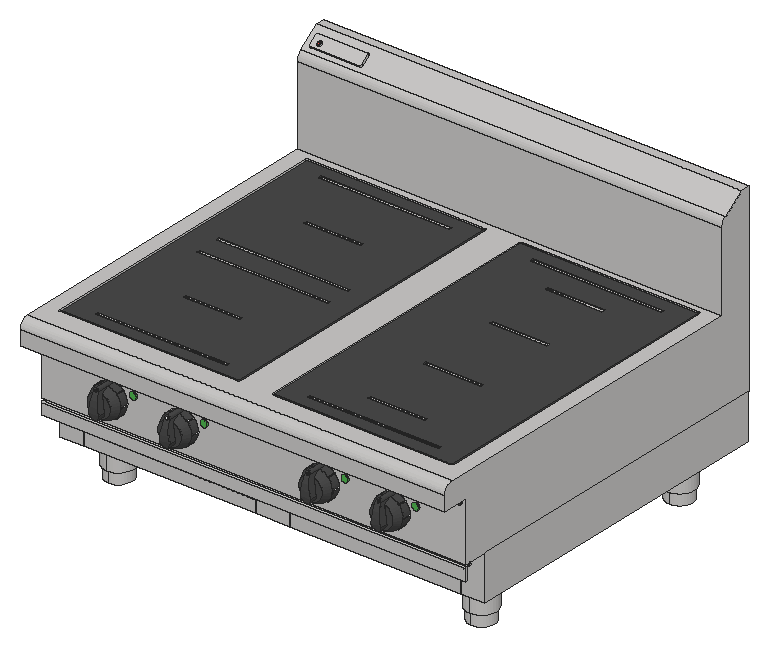
Revit family "QF_Moffat_IN8400R3F-B_Induction Cooktop_cat", category Specialty Equipment, Revit 2019
Family settings
  Round Connector Dimension = Use Diameter
  Part Type = Normal
  Work Plane-Based = No
  Always vertical = Yes
  Cut with Voids When Loaded = No
  Shared = No
  Room Calculation Point = No
Parameters (values of type "INB8400R3F-B_415/60/3")
  Weight in Kilograms = 105
  Watts = 17000 W
  Volts = 415 V
  URL Cutsheet = ""
  Specification by User = ""
  Specification by Manufacturer = ""
  Show Logo [instance] = yes
  Serial Number = ""
  Seismic Rating = ""
  SMACNA No = ""
  Revision Code = ""
  Phase = 3
  Number of Poles = 1
  NAFEM Spec ID Number = ""
  Model = "IN8400R3F-B"
  Min Ckt Ampacity = 0 A
  Max Overcurrent Protection = 0 A
  Masterspec = ""
  Manufacturer = "Moffat"
  Length = 900 mm
  Item Number = ""
  Installed By = ""
  Identify Quantity as Lot = yes
  Height = 570 mm
  HP = ""
  Furnished By = ""
  Foodservice Equipment Identifier = yes
  FL Amps = 24 A
  Electrical Remarks = ""
  Electric Connection Type = ""
  Elec Conn RI Height = 0 mm
  Elec Conn Connection Height = 0 mm
  Description = "Induction Cooktop"
  Depth = 805 mm
  Cycle = 60 Hz
  Conn Plug = ""
  Conn Conduit = yes
  CSI MasterFormat = ""
  Apparent Power = if(Phase = 3, Volts * FL Amps * 1.73, Volts * FL Amps)  # 17230.8 VA
Reference planes
  plane 1 "BACK": y = 0
  plane 2: z = 0
  plane 3 "LEFT": x = 0
  plane 4 "RIGHT": x = 900
  plane 5 "FRONT": y = -805
  plane 6 "TOP": z = 570
  plane 7 "Center Y": x = 450
  plane 8 "Center X": y = -402.5
  plane 9: x = 65.5
  plane 10: y = -30
  plane 11: x = 770
  plane 12: z = 85
  plane 13: y = -100
  plane 14: y = -625
  plane 15: y = -70
  plane 16: z = 355
  plane 17: z = 75
  plane 18: x = 834.5
Forms (mm)
  Extrusion 1, solid, material "QF_Metal_Stainless_Polished"
    sketch origin (0, 0, 0) x (0, 1, 0) y (0, 0, 1)
      loop
        line (0, 180) -> (0, 570) -> (-18.182, 570) -> (-60.863, 538.99)
        arc (-60.863, 538.99) -> (-67.584, 531.121) -> (-70, 521.058) r 22.165
        line (-70, 521.058) -> (-70, 355) -> (-784.417, 355)
        arc (-784.417, 355) -> (-798.971, 348.971) -> (-805, 334.417) r 20.583
        line (-805, 334.417) -> (-805, 305) -> (-749, 305) -> (-749, 180) -> (0, 180)
    from 0 to 900
  Extrusion 2, void
    sketch origin (0, -784.171, 355) x (0, 1, 0) y (-1, 0, 0)
      loop
        arc (699.341, -37.323) -> (697.584, -33.08) -> (693.341, -31.323) r 6
        line (693.341, -31.323) -> (45.245, -31.323)
        arc (45.245, -31.323) -> (41.002, -33.08) -> (39.245, -37.323) r 6
        line (39.245, -37.323) -> (39.245, -410.105)
        arc (39.245, -410.105) -> (41.002, -414.347) -> (45.245, -416.105) r 6
        line (45.245, -416.105) -> (693.341, -416.105)
        arc (693.341, -416.105) -> (697.584, -414.347) -> (699.341, -410.105) r 6
        line (699.341, -410.105) -> (699.341, -37.323)
      loop
        line (699.341, -862.677) -> (699.341, -489.895)
        arc (699.341, -489.895) -> (697.584, -485.653) -> (693.341, -483.895) r 6
        line (693.341, -483.895) -> (45.245, -483.895)
        arc (45.245, -483.895) -> (41.002, -485.653) -> (39.245, -489.895) r 6
        line (39.245, -489.895) -> (39.245, -862.677)
        arc (39.245, -862.677) -> (41.002, -866.92) -> (45.245, -868.677) r 6
        line (45.245, -868.677) -> (693.341, -868.677)
        arc (693.341, -868.677) -> (697.584, -866.92) -> (699.341, -862.677) r 6
    from 0 to -9.5
  Extrusion 3, solid, material "QF_Plastic_Black_Smooth"
    sketch origin (0, -784.171, 355) x (0, 1, 0) y (-1, 0, 0)
      loop
        line (695.341, -410.105) -> (695.341, -37.323)
        arc (695.341, -37.323) -> (694.755, -35.908) -> (693.341, -35.323) r 2
        line (693.341, -35.323) -> (45.245, -35.323)
        arc (45.245, -35.323) -> (43.831, -35.908) -> (43.245, -37.323) r 2
        line (43.245, -37.323) -> (43.245, -410.105)
        arc (43.245, -410.105) -> (43.831, -411.519) -> (45.245, -412.105) r 2
        line (45.245, -412.105) -> (693.341, -412.105)
        arc (693.341, -412.105) -> (694.755, -411.519) -> (695.341, -410.105) r 2
      loop
        line (667.194, -86.598) -> (661.194, -86.598) -> (661.194, -363.75) -> (667.194, -363.75) -> (667.194, -86.598)
      loop
        line (526.611, -163.924) -> (526.611, -283.924) -> (532.611, -283.924) -> (532.611, -163.924) -> (526.611, -163.924)
      loop
        line (398.444, -86.598) -> (392.444, -86.598) -> (392.444, -363.75) -> (398.444, -363.75) -> (398.444, -86.598)
      loop
        line (345.944, -86.598) -> (339.944, -86.598) -> (339.944, -363.75) -> (345.944, -363.75) -> (345.944, -86.598)
      loop
        line (206.611, -163.924) -> (206.611, -283.924) -> (212.611, -283.924) -> (212.611, -163.924) -> (206.611, -163.924)
      loop
        line (77.194, -86.598) -> (71.194, -86.598) -> (71.194, -363.75) -> (77.194, -363.75) -> (77.194, -86.598)
      loop
        arc (695.341, -489.895) -> (694.755, -488.481) -> (693.341, -487.895) r 2
        line (693.341, -487.895) -> (45.245, -487.895)
        arc (45.245, -487.895) -> (43.831, -488.481) -> (43.245, -489.895) r 2
        line (43.245, -489.895) -> (43.245, -862.677)
        arc (43.245, -862.677) -> (43.831, -864.092) -> (45.245, -864.677) r 2
        line (45.245, -864.677) -> (693.341, -864.677)
        arc (693.341, -864.677) -> (694.755, -864.092) -> (695.341, -862.677) r 2
        line (695.341, -862.677) -> (695.341, -489.895)
      loop
        line (667.194, -813.402) -> (667.194, -536.25) -> (661.194, -536.25) -> (661.194, -813.402) -> (667.194, -813.402)
      loop
        line (601.611, -736.076) -> (607.611, -736.076) -> (607.611, -616.076) -> (601.611, -616.076) -> (601.611, -736.076)
      loop
        line (279.111, -736.076) -> (285.111, -736.076) -> (285.111, -616.076) -> (279.111, -616.076) -> (279.111, -736.076)
      loop
        line (77.194, -813.402) -> (77.194, -536.25) -> (71.194, -536.25) -> (71.194, -813.402) -> (77.194, -813.402)
      loop
        line (454.501, -736.076) -> (460.501, -736.076) -> (460.501, -616.076) -> (454.501, -616.076) -> (454.501, -736.076)
      loop
        line (131.211, -736.076) -> (137.211, -736.076) -> (137.211, -616.076) -> (131.211, -616.076) -> (131.211, -736.076)
    from 0 to -9.5
  Extrusion 4, solid, material "QF_Metal_Stainless_Polished"
    sketch origin (0, 0, 40) x (0, 1, 0) y (0, 0, 1)
      loop
        line (-739.467, 140) -> (-738.192, 134.838)
        arc (-738.192, 134.838) -> (-738.307, 134.302) -> (-738.799, 134.063) r 0.625
        line (-738.799, 134.063) -> (-746.111, 134.063)
        arc (-746.111, 134.063) -> (-748.011, 133.276) -> (-748.797, 131.377) r 2.686
        line (-748.797, 131.377) -> (-748.797, 107.627) -> (-747.197, 107.627) -> (-747.197, 131.242)
        arc (-747.197, 131.242) -> (-746.84, 132.105) -> (-745.976, 132.463) r 1.221
        line (-745.976, 132.463) -> (-738.755, 132.463)
        arc (-738.755, 132.463) -> (-737.028, 133.304) -> (-736.625, 135.182) r 2.194
        line (-736.625, 135.182) -> (-737.815, 140) -> (-739.467, 140)
    from 0 to 900
  Extrusion 5, solid, material "QF_Plastic_Black_Smooth"
    sketch origin (0, -749, 181.875) x (0, 0, 1) y (-1, 0, 0)
      loop
        circle (112.843, -13.157) r 5
      loop
        circle (112.843, -886.843) r 5
    from 0 to 1.6
  Extrusion 6, solid, material "QF_Metal_Stainless_Polished"
    sketch origin (450, -699, 85) x (0, 1, 0) y (1, 0, 0)
      loop
        circle (669, 320) r 6.35
    from 0 to 10
  Extrusion 7, solid, material "QF_Metal_Stainless_Polished"
    sketch origin (0, -699, 85) x (1, 0, 0) y (0, -1, 0)
      loop
        line (0, -699) -> (900, -699) -> (900, 0) -> (849.2, 0) -> (849.2, -25.4) -> (485.8, -25.4) -> (485.8, 0) -> (414.2, 0) -> (414.2, -25.4) -> (50.8, -25.4) -> (50.8, 0) -> (0, 0) -> (0, -699)
    from 0 to -95
  Extrusion 8, solid, material "QF_Metal_Stainless_Polished"
    sketch origin (50.8, -30, 85) x (0, 1, 0) y (0, 0, 1)
      loop
        line (-669, 0) -> (-643.6, 0) -> (-643.6, 26.45) -> (-669, 26.45) -> (-669, 0)
      loop
        line (-669, 32.45) -> (-643.6, 32.45) -> (-643.6, 66.4) -> (-669, 66.4) -> (-669, 32.45)
      loop
        line (-669, 67.4) -> (-643.6, 67.4) -> (-643.6, 95) -> (-669, 95) -> (-669, 67.4)
    from 0 to 363.4
  Revolve 9, solid, material "QF_Metal_Stainless_Polished"
    sketch origin (65.5, -4572, -304.8) x (0, 0, -1) y (0, -1, 0)
      loop
        line (-304.8, -4499.5) -> (-304.8, -4472) -> (-389.8, -4472) -> (-389.8, -4503.75) -> (-329.8, -4503.75) -> (-329.8, -4499.5) -> (-304.8, -4499.5)
      axis (-389.8, -4472) -> (-304.8, -4472)
    angle from 0 to 360
  Revolve 10, solid, material "QF_Metal_Stainless_Polished"
    sketch origin (65.5, -4572, -304.8) x (0, 0, -1) y (0, -1, 0)
      loop
        line (-304.8, -3974.5) -> (-304.8, -3947) -> (-389.8, -3947) -> (-389.8, -3978.75) -> (-329.8, -3978.75) -> (-329.8, -3974.5) -> (-304.8, -3974.5)
      axis (-389.8, -3947) -> (-304.8, -3947)
    angle from 0 to 360
  Revolve 11, solid, material "QF_Metal_Stainless_Polished"
    sketch origin (834.5, -4572, -304.8) x (0, 0, -1) y (0, 1, 0)
      loop
        line (-304.8, 4499.5) -> (-329.8, 4499.5) -> (-329.8, 4503.75) -> (-389.8, 4503.75) -> (-389.8, 4472) -> (-304.8, 4472) -> (-304.8, 4499.5)
      axis (-389.8, 4472) -> (-304.8, 4472)
    angle from 0 to 360
  Revolve 12, solid, material "QF_Metal_Stainless_Polished"
    sketch origin (834.5, -4572, -304.8) x (0, 0, -1) y (0, 1, 0)
      loop
        line (-304.8, 3974.5) -> (-329.8, 3974.5) -> (-329.8, 3978.75) -> (-389.8, 3978.75) -> (-389.8, 3947) -> (-304.8, 3947) -> (-304.8, 3974.5)
      axis (-389.8, 3947) -> (-304.8, 3947)
    angle from 0 to 360
  Extrusion 13, solid, material "QF_Metal_Stainless_Polished"
    sketch origin (900, 0, 0) x (-1, 0, 0) y (0, -1, 0)
      loop
        line (536.25, 122.976) -> (536.25, 116.976) -> (813.402, 116.976) -> (813.402, 122.976) -> (536.25, 122.976)
      loop
        line (736.076, 251.56) -> (736.076, 257.56) -> (616.076, 257.56) -> (616.076, 251.56) -> (736.076, 251.56)
      loop
        line (813.402, 385.726) -> (813.402, 391.726) -> (536.25, 391.726) -> (536.25, 385.726) -> (813.402, 385.726)
      loop
        line (813.402, 438.226) -> (813.402, 444.226) -> (536.25, 444.226) -> (536.25, 438.226) -> (813.402, 438.226)
      loop
        line (736.076, 571.56) -> (736.076, 577.56) -> (616.076, 577.56) -> (616.076, 571.56) -> (736.076, 571.56)
      loop
        line (536.25, 712.976) -> (536.25, 706.976) -> (813.402, 706.976) -> (813.402, 712.976) -> (536.25, 712.976)
      loop
        line (86.598, 712.976) -> (86.598, 706.976) -> (363.75, 706.976) -> (363.75, 712.976) -> (86.598, 712.976)
      loop
        line (163.924, 652.959) -> (163.924, 646.959) -> (283.924, 646.959) -> (283.924, 652.959) -> (163.924, 652.959)
      loop
        line (163.924, 505.06) -> (163.924, 499.06) -> (283.924, 499.06) -> (283.924, 505.06) -> (163.924, 505.06)
      loop
        line (163.924, 329.669) -> (163.924, 323.669) -> (283.924, 323.669) -> (283.924, 329.669) -> (163.924, 329.669)
      loop
        line (163.924, 182.56) -> (163.924, 176.56) -> (283.924, 176.56) -> (283.924, 182.56) -> (163.924, 182.56)
      loop
        line (86.598, 122.976) -> (86.598, 116.976) -> (363.75, 116.976) -> (363.75, 122.976) -> (86.598, 122.976)
    from 355 to 345.5
  Extrusion 14, solid, material "QF_Paint_Green"
    sketch origin (63.231, -748.999, 153.75) x (0, 0, 1) y (-1, 0, 0)
      loop
        circle (100.3, -282.5) r 7.15
    from 0 to 1.6
  Extrusion 15, solid, material "QF_Plastic_Black_Smooth"
    sketch origin (75, -748.999, 165.625) x (0, 0, 1) y (-1, 0, 0)
      loop
        circle (112.843, -225) r 5
    from 0 to 1.6
  Extrusion 16, solid, material "QF_Paint_Green"
    sketch origin (-86.769, -748.999, 153.75) x (0, 0, 1) y (-1, 0, 0)
      loop
        circle (100.3, -282.5) r 7.15
    from 0 to 1.6
  Extrusion 17, solid, material "QF_Plastic_Black_Smooth"
    sketch origin (-75, -748.999, 165.625) x (0, 0, 1) y (-1, 0, 0)
      loop
        circle (112.843, -225) r 5
    from 0 to 1.6
  Extrusion 18, solid, material "QF_Paint_Green"
    sketch origin (511.981, -748.999, 153.75) x (0, 0, 1) y (-1, 0, 0)
      loop
        circle (100.3, -282.5) r 7.15
    from 0 to 1.6
  Extrusion 19, solid, material "QF_Plastic_Black_Smooth"
    sketch origin (523.75, -748.999, 165.625) x (0, 0, 1) y (-1, 0, 0)
      loop
        circle (112.843, -225) r 5
    from 0 to 1.6
  Extrusion 20, solid, material "QF_Paint_Green"
    sketch origin (361.981, -748.999, 153.75) x (0, 0, 1) y (-1, 0, 0)
      loop
        circle (100.3, -282.5) r 7.15
    from 0 to 1.6
  Extrusion 21, solid, material "QF_Plastic_Black_Smooth"
    sketch origin (373.75, -748.999, 165.625) x (0, 0, 1) y (-1, 0, 0)
      loop
        circle (112.843, -225) r 5
    from 0 to 1.6
  Extrusion 22, solid, material "QF_Metal_Stainless_Polished"
    sketch origin (849.2, -30, 85) x (0, 1, 0) y (0, 0, -1)
      loop
        line (-669, 0) -> (-669, -26.45) -> (-643.6, -26.45) -> (-643.6, 0) -> (-669, 0)
      loop
        line (-669, -32.45) -> (-669, -66.4) -> (-643.6, -66.4) -> (-643.6, -32.45) -> (-669, -32.45)
      loop
        line (-669, -67.4) -> (-669, -95) -> (-643.6, -95) -> (-643.6, -67.4) -> (-669, -67.4)
    from 0 to 363.4
Cuts and joins
  Extrusion 2 cuts Extrusion 1
Lines and regions (mm)
  symbolic lines
    curve 1: line (0, 0, 0) -> (900, 0, 0)
    curve 2: line (0, -805, 0) -> (0, 0, 0)
    curve 3: line (900, -805, 0) -> (0, -805, 0)
    curve 4: line (900, 0, 0) -> (900, -805, 0)
    curve 5: line (0, -18.182, 0) -> (900, -18.182, 0)
    curve 6: line (0, -70, 0) -> (900, -70, 0)
    curve 7: line (37.323, -84.83, 0) -> (410.105, -84.83, 0)
    curve 8: arc (410.105, -84.83, 0) -> (414.347, -86.587, 0) -> (416.105, -90.83, 0) r 6
    curve 9: line (416.105, -90.83, 0) -> (416.105, -738.926, 0)
    curve 10: arc (416.105, -738.926, 0) -> (414.347, -743.168, 0) -> (410.105, -744.926, 0) r 6
    curve 11: line (410.105, -744.926, 0) -> (37.323, -744.926, 0)
    curve 12: arc (37.323, -744.926, 0) -> (33.08, -743.168, 0) -> (31.323, -738.926, 0) r 6
    curve 13: line (31.323, -738.926, 0) -> (31.323, -90.83, 0)
    curve 14: arc (31.323, -90.83, 0) -> (33.08, -86.587, 0) -> (37.323, -84.83, 0) r 6
    curve 15: line (410.105, -88.83, 0) -> (37.323, -88.83, 0)
    curve 16: arc (37.323, -88.83, 0) -> (35.908, -89.415, 0) -> (35.323, -90.83, 0) r 2
    curve 17: line (35.323, -90.83, 0) -> (35.323, -738.926, 0)
    curve 18: arc (35.323, -738.926, 0) -> (35.908, -740.34, 0) -> (37.323, -740.926, 0) r 2
    curve 19: line (37.323, -740.926, 0) -> (410.105, -740.926, 0)
    curve 20: arc (410.105, -740.926, 0) -> (411.519, -740.34, 0) -> (412.105, -738.926, 0) r 2
    curve 21: line (412.105, -738.926, 0) -> (412.105, -90.83, 0)
    curve 22: arc (412.105, -90.83, 0) -> (411.519, -89.415, 0) -> (410.105, -88.83, 0) r 2
    curve 23: line (416.105, -738.926, 0) -> (416.105, -90.83, 0)
    curve 24: line (412.105, -90.83, 0) -> (412.105, -738.926, 0)
    curve 25: line (862.677, -84.83, 0) -> (489.895, -84.83, 0)
    curve 26: arc (489.895, -84.83, 0) -> (485.653, -86.587, 0) -> (483.895, -90.83, 0) r 6
    curve 27: arc (483.895, -738.926, 0) -> (485.653, -743.168, 0) -> (489.895, -744.926, 0) r 6
    curve 28: line (489.895, -744.926, 0) -> (862.677, -744.926, 0)
    curve 29: arc (862.677, -744.926, 0) -> (866.92, -743.168, 0) -> (868.677, -738.926, 0) r 6
    curve 30: line (868.677, -738.926, 0) -> (868.677, -90.83, 0)
    curve 31: arc (868.677, -90.83, 0) -> (866.92, -86.587, 0) -> (862.677, -84.83, 0) r 6
    curve 32: line (489.895, -88.83, 0) -> (862.677, -88.83, 0)
    curve 33: arc (862.677, -88.83, 0) -> (864.092, -89.415, 0) -> (864.677, -90.83, 0) r 2
    curve 34: line (864.677, -90.83, 0) -> (864.677, -738.926, 0)
    curve 35: arc (864.677, -738.926, 0) -> (864.092, -740.34, 0) -> (862.677, -740.926, 0) r 2
    curve 36: line (862.677, -740.926, 0) -> (489.895, -740.926, 0)
    curve 37: arc (489.895, -740.926, 0) -> (488.481, -740.34, 0) -> (487.895, -738.926, 0) r 2
    curve 38: arc (487.895, -90.83, 0) -> (488.481, -89.415, 0) -> (489.895, -88.83, 0) r 2
    curve 39: line (487.895, -90.83, 0) -> (487.895, -738.926, 0)
    curve 40: arc (487.895, -738.926, 0) -> (488.481, -740.34, 0) -> (489.895, -740.926, 0) r 2
    curve 41: line (489.895, -740.926, 0) -> (862.677, -740.926, 0)
    curve 42: arc (862.677, -740.926, 0) -> (864.092, -740.34, 0) -> (864.677, -738.926, 0) r 2
    curve 43: line (864.677, -738.926, 0) -> (864.677, -90.83, 0)
    curve 44: arc (864.677, -90.83, 0) -> (864.092, -89.415, 0) -> (862.677, -88.83, 0) r 2
    curve 45: line (862.677, -88.83, 0) -> (489.895, -88.83, 0)
    curve 46: arc (489.895, -88.83, 0) -> (488.481, -89.415, 0) -> (487.895, -90.83, 0) r 2
    curve 47: line (483.895, -90.83, 0) -> (483.895, -738.926, 0)
    curve 48: arc (483.895, -738.926, 0) -> (485.653, -743.168, 0) -> (489.895, -744.926, 0) r 6
    curve 49: line (489.895, -744.926, 0) -> (862.677, -744.926, 0)
    curve 50: arc (862.677, -744.926, 0) -> (866.92, -743.168, 0) -> (868.677, -738.926, 0) r 6
    curve 51: line (868.677, -738.926, 0) -> (868.677, -90.83, 0)
    curve 52: arc (868.677, -90.83, 0) -> (866.92, -86.587, 0) -> (862.677, -84.83, 0) r 6
    curve 53: line (862.677, -84.83, 0) -> (489.895, -84.83, 0)
    curve 54: arc (489.895, -84.83, 0) -> (485.653, -86.587, 0) -> (483.895, -90.83, 0) r 6
    curve 55: line (86.598, -122.976, 0) -> (363.75, -122.976, 0)
    curve 56: line (363.75, -122.976, 0) -> (363.75, -116.976, 0)
    curve 57: line (363.75, -116.976, 0) -> (86.598, -116.976, 0)
    curve 58: line (86.598, -116.976, 0) -> (86.598, -122.976, 0)
    curve 59: line (283.924, -251.56, 0) -> (163.924, -251.56, 0)
    curve 60: line (163.924, -251.56, 0) -> (163.924, -257.56, 0)
    curve 61: line (163.924, -257.56, 0) -> (283.924, -257.56, 0)
    curve 62: line (283.924, -257.56, 0) -> (283.924, -251.56, 0)
    curve 63: line (536.25, -122.976, 0) -> (813.402, -122.976, 0)
    curve 64: line (813.402, -122.976, 0) -> (813.402, -116.976, 0)
    curve 65: line (813.402, -116.976, 0) -> (536.25, -116.976, 0)
    curve 66: line (536.25, -116.976, 0) -> (536.25, -122.976, 0)
    curve 67: line (736.076, -176.56, 0) -> (616.076, -176.56, 0)
    curve 68: line (616.076, -176.56, 0) -> (616.076, -182.56, 0)
    curve 69: line (616.076, -182.56, 0) -> (736.076, -182.56, 0)
    curve 70: line (736.076, -182.56, 0) -> (736.076, -176.56, 0)
    curve 71: line (736.076, -323.669, 0) -> (616.076, -323.669, 0)
    curve 72: line (616.076, -323.669, 0) -> (616.076, -329.669, 0)
    curve 73: line (616.076, -329.669, 0) -> (736.076, -329.669, 0)
    curve 74: line (736.076, -329.669, 0) -> (736.076, -323.669, 0)
    curve 75: line (736.076, -499.06, 0) -> (616.076, -499.06, 0)
    curve 76: line (616.076, -499.06, 0) -> (616.076, -505.06, 0)
    curve 77: line (616.076, -505.06, 0) -> (736.076, -505.06, 0)
    curve 78: line (736.076, -505.06, 0) -> (736.076, -499.06, 0)
    curve 79: line (736.076, -646.959, 0) -> (616.076, -646.959, 0)
    curve 80: line (616.076, -646.959, 0) -> (616.076, -652.959, 0)
    curve 81: line (616.076, -652.959, 0) -> (736.076, -652.959, 0)
    curve 82: line (736.076, -652.959, 0) -> (736.076, -646.959, 0)
    curve 83: line (813.402, -706.976, 0) -> (536.25, -706.976, 0)
    curve 84: line (536.25, -706.976, 0) -> (536.25, -712.976, 0)
    curve 85: line (536.25, -712.976, 0) -> (813.402, -712.976, 0)
    curve 86: line (813.402, -712.976, 0) -> (813.402, -706.976, 0)
    curve 87: line (86.598, -712.976, 0) -> (363.75, -712.976, 0)
    curve 88: line (363.75, -712.976, 0) -> (363.75, -706.976, 0)
    curve 89: line (363.75, -706.976, 0) -> (86.598, -706.976, 0)
    curve 90: line (86.598, -706.976, 0) -> (86.598, -712.976, 0)
    curve 91: line (283.924, -577.56, 0) -> (163.924, -577.56, 0)
    curve 92: line (163.924, -577.56, 0) -> (163.924, -571.56, 0)
    curve 93: line (163.924, -571.56, 0) -> (283.924, -571.56, 0)
    curve 94: line (283.924, -571.56, 0) -> (283.924, -577.56, 0)
    curve 95: line (86.598, -444.226, 0) -> (363.75, -444.226, 0)
    curve 96: line (363.75, -444.226, 0) -> (363.75, -438.226, 0)
    curve 97: line (363.75, -438.226, 0) -> (86.598, -438.226, 0)
    curve 98: line (86.598, -438.226, 0) -> (86.598, -444.226, 0)
    curve 99: line (86.598, -391.726, 0) -> (363.75, -391.726, 0)
    curve 100: line (363.75, -391.726, 0) -> (363.75, -385.726, 0)
    curve 101: line (363.75, -385.726, 0) -> (86.598, -385.726, 0)
    curve 102: line (86.598, -385.726, 0) -> (86.598, -391.726, 0)
Dimensions and locks
  equal spacing: plane 3 "LEFT", plane 7 "Center Y", plane 4 "RIGHT"
  "Length": plane 3 "LEFT" to plane 4 "RIGHT"
  equal spacing: plane 5 "FRONT", plane 8 "Center X", plane 1 "BACK"
  "Depth": plane 5 "FRONT" to plane 1 "BACK"
  "Height": plane 6 "TOP" to level
  plane 4 "RIGHT" to plane 3 "LEFT" = 900 mm
  plane 1 "BACK" to plane 5 "FRONT" = 805 mm
  plane 6 "TOP" to plane 2 = 570 mm
  locked: plane 11 to plane 4 "RIGHT" at 130
  plane 1 "BACK" to plane 10 = 30 mm
  plane 1 "BACK" to plane 13 to plane 14 = 100 mm, 525 mm
  plane 1 "BACK" to plane 15 = 70 mm
  plane 16 to level = 355 mm
  level to plane 12 = 85 mm
  plane 17 to level = 75 mm
  plane 11 to plane 4 "RIGHT" = 130 mm
  plane 18 to plane 9 = 769 mm
  locked: plane 4 "RIGHT" to plane 18 at 65.5
  aligned and locked: level to plane 2
  aligned and locked: plane 18 to Revolve 12
  aligned and locked: plane 18 to Revolve 11
  aligned and locked: Extrusion 7 sketch curve to plane 4 "RIGHT"
  aligned and locked: Extrusion 4 to plane 4 "RIGHT"
  aligned and locked: Extrusion 22 to Extrusion 7  (x2)
Automatic sketch dimensions
  Extrusion 1 sketch curve to plane 5 "FRONT" = 0 mm
  Extrusion 1 sketch curve to plane 16 = 0 mm
  Extrusion 1 sketch curve to plane 15 = 0 mm
  Extrusion 1 sketch curve to plane 6 "TOP" = 0 mm
  Extrusion 1 sketch curve to plane 1 "BACK" = 0 mm
  Extrusion 1 sketch curve to plane 5 "FRONT" = 20.583 mm
  Extrusion 1 sketch curve to plane 5 "FRONT" = 56 mm
  Extrusion 1 sketch curve to plane 15 = 9.137 mm
  plane 10 to Extrusion 1 sketch curve = 17.835 mm
  Extrusion 1 sketch curve to plane 10 = 11.818 mm
  Extrusion 1 sketch curve to Extrusion 1 sketch curve = 29.417 mm
  Extrusion 1 sketch curve to plane 12 = 95 mm
  Extrusion 1 sketch curve to plane 6 "TOP" = 48.942 mm
  Extrusion 4 sketch curve to plane 5 "FRONT" = 56.203 mm
  Extrusion 4 sketch curve to Extrusion 4 sketch curve = 1.6 mm
  Extrusion 4 sketch curve to Extrusion 4 sketch curve = 1.086 mm
  Extrusion 4 sketch curve to Extrusion 4 sketch curve = 0.135 mm  (x2)
  Extrusion 4 sketch curve to Extrusion 4 sketch curve = 6.644 mm
  Extrusion 4 sketch curve to Extrusion 4 sketch curve = 0.668 mm
  Extrusion 4 sketch curve to Extrusion 4 sketch curve = 0.044 mm
  Extrusion 4 sketch curve to Extrusion 4 sketch curve = 0.563 mm
  Extrusion 4 sketch curve to Extrusion 4 sketch curve = 1.652 mm
  Extrusion 4 sketch curve to Extrusion 4 sketch curve = 1.567 mm
  Extrusion 4 sketch curve to plane 12 = 62.627 mm
  Extrusion 4 sketch curve to Extrusion 4 sketch curve = 23.614 mm
  Extrusion 4 sketch curve to Extrusion 4 sketch curve = 0.594 mm
  Extrusion 4 sketch curve to Extrusion 4 sketch curve = 0.032 mm
  Extrusion 4 sketch curve to Extrusion 4 sketch curve = 5.162 mm
  Extrusion 1 to Extrusion 5 sketch curve = 10.282 mm  (x2)
  Extrusion 1 to Extrusion 5 sketch curve = 13.157 mm  (x2)
  plane 12 to Revolve 9 sketch curve = 0 mm
  Revolve 9 sketch curve to level = 0 mm  (x2)
  Revolve 9 sketch curve to plane 13 = 0 mm  (x2)
  plane 15 to Revolve 9 sketch curve = 2.5 mm
  level to Revolve 9 sketch curve = 25 mm
  Revolve 9 sketch curve to plane 15 = 1.75 mm
  Revolve 9 sketch curve to Revolve 9 sketch curve = 25 mm
  plane 12 to Revolve 10 sketch curve = 0 mm
  Revolve 10 sketch curve to level = 0 mm  (x2)
  Revolve 10 sketch curve to plane 14 = 0 mm  (x2)
  level to Revolve 10 sketch curve = 25 mm
  Revolve 10 sketch curve to Revolve 10 sketch curve = 27.5 mm
  Revolve 10 sketch curve to Revolve 10 sketch curve = 31.75 mm
  Revolve 10 sketch curve to Revolve 10 sketch curve = 25 mm
  plane 12 to Revolve 11 sketch curve = 0 mm
  Revolve 11 sketch curve to level = 0 mm  (x2)
  Revolve 11 sketch curve to plane 13 = 0 mm  (x2)
  plane 15 to Revolve 11 sketch curve = 2.5 mm
  Revolve 11 sketch curve to Revolve 11 sketch curve = 25 mm
  Revolve 11 sketch curve to plane 15 = 1.75 mm
  Revolve 11 sketch curve to level = 25 mm
  plane 12 to Revolve 12 sketch curve = 0 mm
  Revolve 12 sketch curve to level = 0 mm  (x2)
  Revolve 12 sketch curve to plane 14 = 0 mm  (x2)
  level to Revolve 12 sketch curve = 25 mm
  Revolve 12 sketch curve to plane 14 = 27.5 mm
  Revolve 12 sketch curve to Revolve 12 sketch curve = 4.25 mm
  Revolve 12 sketch curve to Revolve 12 sketch curve = 25 mm
  Extrusion 16 sketch curve to plane 16 = 100.95 mm
  Extrusion 16 sketch curve to plane 9 = 130.231 mm
  Extrusion 17 sketch curve to plane 16 = 76.532 mm
  Extrusion 17 sketch curve to plane 9 = 84.5 mm
  Extrusion 18 sketch curve to plane 11 = 24.481 mm
  Extrusion 18 sketch curve to plane 16 = 100.95 mm
  Extrusion 19 sketch curve to plane 16 = 76.532 mm
  plane 11 to Extrusion 19 sketch curve = 21.25 mm
  plane 12 to Extrusion 22 sketch curve = 0 mm
  plane 14 to Extrusion 22 sketch curve = 74 mm
  Extrusion 22 sketch curve to Extrusion 22 sketch curve = 0 mm  (x4)
  Extrusion 22 sketch curve to Extrusion 22 sketch curve = 25.4 mm
  Extrusion 22 sketch curve to plane 12 = 26.45 mm
  Extrusion 22 sketch curve to Extrusion 22 sketch curve = 6 mm
  Extrusion 22 sketch curve to Extrusion 22 sketch curve = 33.95 mm
  Extrusion 22 sketch curve to Extrusion 22 sketch curve = 1 mm
  Extrusion 22 sketch curve to Extrusion 22 sketch curve = 27.6 mm
  Extrusion 7 to Extrusion 6 sketch curve = 30 mm
  Extrusion 6 sketch curve to Extrusion 7 = 79.2 mm
  Extrusion 7 sketch curve to plane 3 "LEFT" = 0 mm
  plane 1 "BACK" to Extrusion 7 sketch curve = 0 mm
  plane 9 to Extrusion 7 sketch curve = 14.7 mm
  Extrusion 7 sketch curve to plane 7 "Center Y" = 35.8 mm
  plane 7 "Center Y" to Extrusion 7 sketch curve = 35.8 mm
  plane 18 to Extrusion 7 sketch curve = 14.7 mm
  plane 14 to Extrusion 7 sketch curve = 48.6 mm  (x2)
  Extrusion 7 sketch curve to Extrusion 7 sketch curve = 25.4 mm  (x3)
  Extrusion 8 sketch curve to Extrusion 7 = 0 mm  (x8)
  Extrusion 7 to Extrusion 8 sketch curve = 26.45 mm
  Extrusion 8 sketch curve to Extrusion 8 sketch curve = 6 mm
  Extrusion 7 to Extrusion 8 sketch curve = 28.6 mm
  Extrusion 8 sketch curve to Extrusion 8 sketch curve = 1 mm
  Extrusion 14 sketch curve to plane 7 "Center Y" = 104.269 mm
  Extrusion 14 sketch curve to plane 16 = 100.95 mm
  Extrusion 15 sketch curve to plane 16 = 76.532 mm
  Extrusion 15 sketch curve to plane 7 "Center Y" = 150 mm
  Extrusion 20 sketch curve to plane 16 = 100.95 mm
  plane 7 "Center Y" to Extrusion 20 sketch curve = 194.481 mm
  Extrusion 21 sketch curve to plane 16 = 76.532 mm
  plane 7 "Center Y" to Extrusion 21 sketch curve = 148.75 mm
  Extrusion 2 sketch curve to Extrusion 1 = 39.492 mm  (x2)
  Extrusion 2 sketch curve to Extrusion 2 sketch curve = 6 mm  (x6)
  Extrusion 1 to Extrusion 2 sketch curve = 20.83 mm  (x4)
  Extrusion 1 to Extrusion 2 sketch curve = 31.323 mm
  Extrusion 2 sketch curve to Extrusion 2 sketch curve = 372.782 mm
  Extrusion 2 sketch curve to Extrusion 2 sketch curve = 67.791 mm
  Extrusion 1 to Extrusion 2 sketch curve = 37.323 mm
  Extrusion 3 sketch curve to Extrusion 1 = 43.492 mm  (x2)
  Extrusion 3 sketch curve to Extrusion 3 sketch curve = 2 mm  (x6)
  Extrusion 3 sketch curve to Extrusion 3 sketch curve = 25.949 mm  (x2)
  Extrusion 3 sketch curve to Extrusion 3 sketch curve = 6 mm  (x12)
  Extrusion 3 sketch curve to Extrusion 3 sketch curve = 54.017 mm
  Extrusion 3 sketch curve to Extrusion 3 sketch curve = 129.416 mm
  Extrusion 3 sketch curve to Extrusion 3 sketch curve = 141.899 mm
  Extrusion 3 sketch curve to Extrusion 3 sketch curve = 127.334 mm
  Extrusion 3 sketch curve to Extrusion 3 sketch curve = 46.5 mm
  Extrusion 3 sketch curve to Extrusion 3 sketch curve = 169.391 mm
  Extrusion 3 sketch curve to Extrusion 3 sketch curve = 128.166 mm
  Extrusion 1 to Extrusion 3 sketch curve = 112.56 mm
  Extrusion 1 to Extrusion 3 sketch curve = 52.976 mm  (x2)
  Extrusion 1 to Extrusion 3 sketch curve = 20.83 mm  (x4)
  Extrusion 1 to Extrusion 3 sketch curve = 35.323 mm
  Extrusion 3 sketch curve to Extrusion 3 sketch curve = 49.275 mm  (x2)
  Extrusion 3 sketch curve to Extrusion 3 sketch curve = 77.326 mm  (x2)
  Extrusion 1 to Extrusion 3 sketch curve = 163.924 mm
  Extrusion 3 sketch curve to Extrusion 3 sketch curve = 0 mm  (x3)
  Extrusion 3 sketch curve to Extrusion 3 sketch curve = 120 mm  (x6)
  Extrusion 3 sketch curve to Extrusion 3 sketch curve = 79.826 mm  (x4)
  Extrusion 3 sketch curve to Extrusion 3 sketch curve = 46.355 mm  (x3)
  Extrusion 3 sketch curve to Extrusion 3 sketch curve = 75.791 mm
  Extrusion 3 sketch curve to Extrusion 3 sketch curve = 252.326 mm
  Extrusion 1 to Extrusion 3 sketch curve = 86.598 mm  (x3)
  Extrusion 1 to Extrusion 3 sketch curve = 37.323 mm
  Extrusion 13 sketch curve to plane 13 = 22.976 mm
  plane 7 "Center Y" to Extrusion 13 sketch curve = 86.25 mm  (x3)
  plane 9 to Extrusion 13 sketch curve = 21.098 mm  (x4)
  Extrusion 13 sketch curve to Extrusion 13 sketch curve = 6 mm  (x11)
  Extrusion 13 sketch curve to Extrusion 13 sketch curve = 79.826 mm  (x3)
  plane 9 to Extrusion 13 sketch curve = 98.424 mm  (x2)
  Extrusion 13 sketch curve to Extrusion 13 sketch curve = 128.584 mm
  Extrusion 13 sketch curve to plane 8 "Center X" = 16.774 mm
  Extrusion 13 sketch curve to Extrusion 13 sketch curve = 0 mm
  plane 8 "Center X" to Extrusion 13 sketch curve = 35.726 mm
  plane 14 to Extrusion 13 sketch curve = 53.44 mm
  plane 14 to Extrusion 13 sketch curve = 47.44 mm
  Extrusion 13 sketch curve to plane 14 = 81.976 mm
  Extrusion 13 sketch curve to plane 7 "Center Y" = 86.25 mm  (x2)
  plane 18 to Extrusion 13 sketch curve = 21.098 mm  (x2)
  Extrusion 13 sketch curve to plane 14 = 87.976 mm
  Extrusion 13 sketch curve to plane 11 = 33.924 mm  (x4)
  Extrusion 13 sketch curve to plane 14 = 27.959 mm
  Extrusion 13 sketch curve to Extrusion 13 sketch curve = 120 mm  (x3)
  plane 8 "Center X" to Extrusion 13 sketch curve = 102.56 mm
  Extrusion 13 sketch curve to plane 8 "Center X" = 72.831 mm
  Extrusion 13 sketch curve to plane 13 = 82.56 mm
  Extrusion 13 sketch curve to plane 13 = 16.976 mm
  curve 8 to curve 22 = 0 mm
  curve 10 to curve 20 = 0 mm  (x2)
  curve 12 to curve 18 = 0 mm  (x2)
  curve 14 to curve 16 = 0 mm  (x2)
  curve 27 to curve 37 = 0 mm
  curve 27 to curve 40 = 0 mm
  curve 29 to curve 35 = 0 mm
  curve 33 to curve 52 = 0 mm
  curve 42 to curve 50 = 0 mm
  curve 44 to curve 52 = 0 mm
  curve 46 to curve 54 = 0 mm
  plane 1 "BACK" to curve 1 = 0 mm
  curve 1 to plane 3 "LEFT" = 0 mm
  curve 6 to plane 4 "RIGHT" = 0 mm
  plane 5 "FRONT" to curve 3 = 0 mm
  plane 15 to curve 6 = 0 mm
  plane 3 "LEFT" to curve 13 = 31.323 mm
  curve 13 to curve 17 = 4 mm
  curve 16 to curve 16 = 2 mm
  curve 17 to curve 18 = 2 mm
  curve 102 to plane 9 = 21.098 mm
  curve 57 to plane 9 = 21.098 mm
  curve 87 to plane 9 = 21.098 mm
  curve 95 to plane 9 = 21.098 mm
  curve 91 to plane 14 = 47.44 mm
  curve 91 to plane 9 = 98.424 mm
  curve 60 to plane 9 = 98.424 mm
  curve 60 to curve 61 = 120 mm
  curve 93 to plane 14 = 53.44 mm
  curve 92 to curve 93 = 120 mm
  curve 96 to plane 8 "Center X" = 41.726 mm
  curve 96 to plane 7 "Center Y" = 86.25 mm
  plane 8 "Center X" to curve 99 = 10.774 mm
  curve 99 to curve 96 = 0 mm
  plane 13 to curve 56 = 16.976 mm
  curve 56 to plane 7 "Center Y" = 86.25 mm
  curve 89 to plane 7 "Center Y" = 86.25 mm
  curve 8 to plane 13 = 9.17 mm
  curve 8 to plane 7 "Center Y" = 39.895 mm
  curve 10 to plane 7 "Center Y" = 39.895 mm
  curve 8 to curve 21 = 2 mm
  plane 7 "Center Y" to curve 47 = 33.895 mm
  curve 27 to curve 39 = 4 mm
  curve 46 to curve 45 = 2 mm
  curve 37 to curve 36 = 2 mm
  plane 13 to curve 66 = 22.976 mm
  curve 46 to curve 66 = 46.355 mm
  curve 27 to curve 85 = 46.355 mm
  curve 63 to curve 67 = 79.826 mm
  plane 11 to curve 77 = 153.924 mm
  plane 14 to curve 80 = 21.959 mm
  curve 83 to curve 80 = 79.826 mm
  plane 8 "Center X" to curve 73 = 72.831 mm
  curve 73 to curve 68 = 0 mm
  plane 11 to curve 77 = 33.924 mm
  plane 11 to curve 67 = 33.924 mm
  plane 11 to curve 71 = 33.924 mm
  plane 11 to curve 81 = 33.924 mm
  curve 63 to plane 18 = 21.098 mm
  curve 85 to plane 18 = 21.098 mm
  plane 18 to curve 42 = 28.177 mm
  curve 32 to plane 13 = 11.17 mm
  plane 18 to curve 32 = 28.177 mm
  curve 31 to curve 34 = 2 mm
  curve 49 to plane 5 "FRONT" = 60.074 mm
  curve 11 to plane 5 "FRONT" = 60.074 mm
  curve 27 to curve 84 = 25.949 mm
  curve 10 to curve 87 = 25.949 mm
  curve 85 to curve 83 = 6 mm
  curve 87 to curve 90 = 6 mm
  curve 81 to curve 79 = 6 mm
  curve 78 to plane 8 "Center X" = 102.56 mm
  curve 77 to curve 75 = 6 mm
  curve 95 to curve 98 = 6 mm
  curve 99 to curve 100 = 6 mm
  curve 73 to curve 74 = 6 mm
  plane 8 "Center X" to curve 62 = 144.94 mm
  curve 61 to curve 62 = 6 mm
  plane 13 to curve 70 = 82.56 mm
  curve 68 to curve 68 = 6 mm
  curve 58 to curve 57 = 6 mm
  curve 63 to curve 65 = 6 mm
  curve 5 to plane 10 = 11.818 mm
  radius of Extrusion 5 sketch curve = 5 mm  (x2)
  radius of Extrusion 16 sketch curve = 7.15 mm
  radius of Extrusion 17 sketch curve = 5 mm
  radius of Extrusion 18 sketch curve = 7.15 mm
  radius of Extrusion 19 sketch curve = 5 mm
  radius of Extrusion 6 sketch curve = 6.35 mm
  radius of Extrusion 14 sketch curve = 7.15 mm
  radius of Extrusion 15 sketch curve = 5 mm
  radius of Extrusion 20 sketch curve = 7.15 mm
  radius of Extrusion 21 sketch curve = 5 mm
Nested families
  nested 1: "QF_LOGO_Waldorf" at (12, -52.35, 545.175), visible <- "Show Logo", type "QF_LOGO_Waldorf"
  nested 2: "Knob" at (267.5, -739.499, 200.75), type "Knob"
  nested 3: "Knob" at (117.5, -739.499, 200.75), type "Knob"
  nested 4: "Knob" at (716.25, -739.499, 200.75), type "Knob"
  nested 5: "Knob" at (566.25, -739.499, 200.75), type "Knob"
Connectors
  electrical at (770, -30, 75), driven by "Volts", driven by "Watts"
    settings: on Extrusion 6, index 3, voltage 415 V, apparent load 17000 VA, apparent load phase1 0 VA, apparent load phase2 0 VA, apparent load phase3 0 VA, power factor 1, load classification "Other", number of poles 1, system type 30, power factor state 1, is connector primary yes, connector utility no, sub classification motor no, connector description "ELECTRICAL CONNECTION"
Definition of nested family "QF_LOGO_Waldorf"
  Parameters (values of type "QF_LOGO_Waldorf")
    Weight in Pounds = 0
    URL Cutsheet = ""
    Specification by User = ""
    Specification by Manufacturer = ""
    Serial Number = ""
    Seismic Rating = ""
    SMACNA No = ""
    Revision Code = ""
    NAFEM Spec ID Number = ""
    Masterspec = ""
    Length = 138 mm
    Item Number = ""
    Installed By = ""
    Identify Quantity as Lot = yes
    Height = 26.711 mm
    Furnished By = ""
    Foodservice Equipment Identifier = yes
    Depth = 3.175 mm
    CSI MasterFormat = ""
  Reference planes
    plane 1 "BACK": y = 0
    plane 2: z = 0
    plane 3 "LEFT": x = 0
    plane 4 "RIGHT": x = 138
    plane 5 "FRONT": y = -3.175
    plane 6 "TOP": z = 26.711
    plane 7 "Center Y": x = 69
    plane 8 "Center X": y = -1.587
  Forms (mm)
    Extrusion 1, solid
      sketch origin (0, 0, 0) x (1, 0, 0) y (0, 0.809017, 0.587785)
        loop
          line (109, 3.464) -> (109, 23.247)
          spline (109, 23.247) -> (108.966, 23.699) -> (108.864, 24.143) -> (108.696, 24.572) -> (108.464, 24.979) -> (108.173, 25.355) -> (107.828, 25.696) -> (107.435, 25.995) -> (107, 26.247) -> (106.531, 26.447) -> (106.035, 26.593) -> (105.522, 26.681) -> (105, 26.711)
          line (105, 26.711) -> (4, 26.711)
          spline (4, 26.711) -> (3.478, 26.681) -> (2.965, 26.593) -> (2.469, 26.447) -> (2, 26.247) -> (1.565, 25.995) -> (1.172, 25.696) -> (0.827, 25.355) -> (0.536, 24.979) -> (0.304, 24.572) -> (0.136, 24.143) -> (0.034, 23.699) -> (0, 23.247)
          line (0, 23.247) -> (0, 3.464)
          spline (0, 3.464) -> (0.034, 3.012) -> (0.136, 2.568) -> (0.304, 2.138) -> (0.536, 1.732) -> (0.827, 1.355) -> (1.172, 1.015) -> (1.565, 0.716) -> (2, 0.464) -> (2.469, 0.264) -> (2.965, 0.118) -> (3.478, 0.03) -> (4, 0)
          line (4, 0) -> (105, 0)
          spline (105, 0) -> (105.522, 0.03) -> (106.035, 0.118) -> (106.531, 0.264) -> (107, 0.464) -> (107.435, 0.716) -> (107.828, 1.015) -> (108.173, 1.355) -> (108.464, 1.732) -> (108.696, 2.138) -> (108.864, 2.568) -> (108.966, 3.012) -> (109, 3.464)
        loop
          line (14.75, 7.005) -> (14.75, 15.654)
          arc (14.75, 15.654) -> (10.425, 11.329) -> (14.75, 7.005) r 4.325
        loop
          line (15.25, 15.654) -> (15.25, 7.005)
          arc (15.25, 7.005) -> (19.575, 11.329) -> (15.25, 15.654) r 4.325
      from 0 to 3.2
    Extrusion 2, solid
      sketch origin (0, 0, 0) x (1, 0, 0) y (0, 0.809017, 0.587785)
        loop
          line (15.25, 15.654) -> (15.25, 7.005)
          arc (15.25, 7.005) -> (19.575, 11.329) -> (15.25, 15.654) r 4.325
      from 0 to 3.2
    Extrusion 3, solid
      sketch origin (16.271, 0, 0) x (-1, 0, 0) y (0, -0.809017, -0.587785)
        loop
          arc (1.521, -15.654) -> (5.846, -11.329) -> (1.521, -7.005) r 4.325
          line (1.521, -7.005) -> (1.521, -15.654)
      from 0 to 3.2
  Lines and regions (mm)
    Split face 1
      outline origin (0, -1.881, 2.589) x (1, 0, 0) y (0, 0.809017, 0.587785)
        loop
          spline (22.129, 16.975) -> (22.389, 15.984) -> (22.649, 15.002) -> (22.91, 14.028) -> (23.172, 13.065) -> (23.433, 12.11) -> (23.695, 11.166) -> (23.956, 10.232) -> (24.218, 9.308) -> (24.479, 8.396) -> (24.74, 7.495) -> (25, 6.605) -> (25.26, 5.728)
          line (25.26, 5.728) -> (29.463, 5.728)
          spline (29.463, 5.728) -> (29.582, 6.252) -> (29.701, 6.78) -> (29.82, 7.313) -> (29.939, 7.85) -> (30.058, 8.391) -> (30.178, 8.936) -> (30.297, 9.485) -> (30.416, 10.038) -> (30.536, 10.594) -> (30.655, 11.155) -> (30.775, 11.719) -> (30.894, 12.287)
          spline (30.894, 12.287) -> (31.018, 11.719) -> (31.142, 11.155) -> (31.266, 10.594) -> (31.39, 10.038) -> (31.514, 9.485) -> (31.638, 8.936) -> (31.762, 8.391) -> (31.885, 7.85) -> (32.009, 7.313) -> (32.133, 6.78) -> (32.256, 6.252) -> (32.379, 5.728)
          line (32.379, 5.728) -> (36.51, 5.728)
          spline (36.51, 5.728) -> (36.766, 6.605) -> (37.023, 7.495) -> (37.28, 8.396) -> (37.538, 9.308) -> (37.795, 10.232) -> (38.053, 11.166) -> (38.311, 12.11) -> (38.569, 13.065) -> (38.826, 14.028) -> (39.083, 15.002) -> (39.34, 15.984) -> (39.597, 16.975)
          line (39.597, 16.975) -> (35.637, 16.975)
          spline (35.637, 16.975) -> (35.523, 16.334) -> (35.41, 15.697) -> (35.296, 15.063) -> (35.182, 14.433) -> (35.068, 13.807) -> (34.954, 13.185) -> (34.84, 12.566) -> (34.726, 11.952) -> (34.612, 11.342) -> (34.497, 10.737) -> (34.383, 10.135) -> (34.269, 9.538)
          spline (34.269, 9.538) -> (34.138, 10.135) -> (34.008, 10.737) -> (33.877, 11.342) -> (33.746, 11.952) -> (33.616, 12.566) -> (33.485, 13.185) -> (33.354, 13.807) -> (33.224, 14.433) -> (33.093, 15.063) -> (32.963, 15.697) -> (32.833, 16.334) -> (32.703, 16.975)
          line (32.703, 16.975) -> (29.247, 16.975)
          spline (29.247, 16.975) -> (29.111, 16.334) -> (28.974, 15.697) -> (28.837, 15.063) -> (28.7, 14.433) -> (28.562, 13.807) -> (28.425, 13.185) -> (28.288, 12.566) -> (28.15, 11.952) -> (28.013, 11.342) -> (27.875, 10.737) -> (27.738, 10.135) -> (27.6, 9.538)
          spline (27.6, 9.538) -> (27.483, 10.135) -> (27.366, 10.737) -> (27.249, 11.342) -> (27.132, 11.952) -> (27.015, 12.566) -> (26.897, 13.185) -> (26.78, 13.807) -> (26.663, 14.433) -> (26.546, 15.063) -> (26.43, 15.697) -> (26.313, 16.334) -> (26.196, 16.975)
          line (26.196, 16.975) -> (22.129, 16.975)
    Split face 2
      outline origin (0, -1.881, 2.589) x (1, 0, 0) y (0, 0.809017, 0.587785)
        loop
          line (51.449, 5.728) -> (51.035, 6.606) -> (51.035, 11.169)
          spline (51.035, 11.169) -> (50.686, 12.42) -> (50.176, 13.224) -> (49.51, 13.708) -> (48.693, 13.995) -> (47.747, 14.152) -> (46.698, 14.207) -> (45.579, 14.186) -> (44.419, 14.114) -> (43.279, 13.929) -> (42.249, 13.481) -> (41.424, 12.614) -> (40.897, 11.169)
          line (40.897, 11.169) -> (44.617, 11.169) -> (44.988, 11.965)
          spline (44.988, 11.965) -> (47.294, 11.682) -> (46.856, 10.932) -> (45.527, 10.609) -> (43.858, 10.439) -> (42.259, 10.123) -> (41.078, 9.417) -> (40.563, 8.246) -> (40.689, 6.989) -> (41.407, 6.052) -> (42.774, 5.536) -> (44.847, 5.497) -> (47.306, 6.602)
          line (47.306, 6.602) -> (47.624, 5.728) -> (51.449, 5.728)
    Split face 3
      outline origin (0, -1.881, 2.589) x (1, 0, 0) y (0, 0.809017, 0.587785)
        loop
          line (47.264, 9.264) -> (44.938, 8.597)
          spline (44.938, 8.597) -> (44.508, 8.228) -> (44.402, 7.9) -> (44.548, 7.626) -> (44.877, 7.42) -> (45.317, 7.295) -> (45.797, 7.265) -> (46.252, 7.342) -> (46.65, 7.525) -> (46.971, 7.813) -> (47.194, 8.201) -> (47.298, 8.685) -> (47.264, 9.264)
    Split face 4
      outline origin (0, -1.881, 2.589) x (1, 0, 0) y (0, 0.809017, 0.587785)
        loop
          line (53.33, 16.975) -> (53.33, 5.728) -> (57.173, 5.728) -> (57.173, 16.975) -> (53.33, 16.975)
    Split face 5
      outline origin (0, -1.881, 2.589) x (1, 0, 0) y (0, 0.809017, 0.587785)
        loop
          line (65.795, 16.975) -> (65.795, 12.976)
          spline (65.795, 12.976) -> (63.839, 14.082) -> (62.087, 14.096) -> (60.633, 13.343) -> (59.574, 12.148) -> (58.99, 10.806) -> (58.867, 9.452) -> (59.156, 8.159) -> (59.81, 7) -> (60.786, 6.056) -> (62.111, 5.514) -> (63.868, 5.634) -> (66.137, 6.679)
          line (66.137, 6.679) -> (66.137, 5.728) -> (69.511, 5.728) -> (69.511, 16.975) -> (65.795, 16.975)
    Split face 6
      outline origin (0, -1.881, 2.589) x (1, 0, 0) y (0, 0.809017, 0.587785)
        loop
          spline (64.273, 7.499) -> (64.754, 7.57) -> (65.202, 7.777) -> (65.587, 8.106) -> (65.882, 8.535) -> (66.067, 9.034) -> (66.131, 9.57) -> (66.067, 10.106) -> (65.882, 10.605) -> (65.587, 11.034) -> (65.202, 11.363) -> (64.754, 11.57) -> (64.273, 11.64)
          spline (64.273, 11.64) -> (63.793, 11.57) -> (63.345, 11.363) -> (62.96, 11.034) -> (62.665, 10.605) -> (62.479, 10.106) -> (62.416, 9.57) -> (62.479, 9.034) -> (62.665, 8.535) -> (62.96, 8.106) -> (63.345, 7.777) -> (63.793, 7.57) -> (64.273, 7.499)
    Split face 7
      outline origin (0, -1.881, 2.589) x (1, 0, 0) y (0, 0.809017, 0.587785)
        loop
          spline (76.449, 5.305) -> (77.855, 5.457) -> (79.166, 5.901) -> (80.291, 6.607) -> (81.155, 7.527) -> (81.698, 8.599) -> (81.883, 9.749) -> (81.698, 10.899) -> (81.155, 11.97) -> (80.291, 12.891) -> (79.166, 13.597) -> (77.855, 14.041) -> (76.449, 14.192)
          spline (76.449, 14.192) -> (75.042, 14.041) -> (73.731, 13.597) -> (72.606, 12.891) -> (71.742, 11.97) -> (71.199, 10.899) -> (71.014, 9.749) -> (71.199, 8.599) -> (71.742, 7.527) -> (72.606, 6.607) -> (73.731, 5.901) -> (75.042, 5.457) -> (76.449, 5.305)
    Split face 8
      outline origin (0, -1.881, 2.589) x (1, 0, 0) y (0, 0.809017, 0.587785)
        loop
          spline (76.449, 7.654) -> (76.841, 7.725) -> (77.206, 7.934) -> (77.52, 8.267) -> (77.76, 8.701) -> (77.912, 9.206) -> (77.963, 9.749) -> (77.912, 10.291) -> (77.76, 10.796) -> (77.52, 11.23) -> (77.206, 11.563) -> (76.841, 11.772) -> (76.449, 11.843)
          spline (76.449, 11.843) -> (76.057, 11.772) -> (75.691, 11.563) -> (75.378, 11.23) -> (75.137, 10.796) -> (74.986, 10.291) -> (74.934, 9.749) -> (74.986, 9.206) -> (75.137, 8.701) -> (75.378, 8.267) -> (75.691, 7.934) -> (76.057, 7.725) -> (76.449, 7.654)
    Split face 9
      outline origin (0, -1.881, 2.589) x (1, 0, 0) y (0, 0.809017, 0.587785)
        loop
          line (86.998, 12.335) -> (86.998, 13.879) -> (83.479, 13.879) -> (83.479, 5.728) -> (87.312, 5.728) -> (87.312, 8.975)
          spline (87.312, 8.975) -> (87.364, 9.356) -> (87.458, 9.686) -> (87.594, 9.968) -> (87.769, 10.204) -> (87.982, 10.398) -> (88.229, 10.55) -> (88.509, 10.666) -> (88.82, 10.746) -> (89.16, 10.794) -> (89.525, 10.812) -> (89.915, 10.803) -> (90.327, 10.77)
          line (90.327, 10.77) -> (90.327, 14.113)
          spline (90.327, 14.113) -> (89.929, 14.127) -> (89.552, 14.111) -> (89.197, 14.066) -> (88.865, 13.991) -> (88.554, 13.887) -> (88.266, 13.754) -> (87.999, 13.591) -> (87.755, 13.399) -> (87.532, 13.177) -> (87.332, 12.926) -> (87.154, 12.645) -> (86.998, 12.335)
    Split face 10
      outline origin (0, -1.881, 2.589) x (1, 0, 0) y (0, 0.809017, 0.587785)
        loop
          line (92.082, 13.879) -> (90.894, 13.879) -> (90.894, 11.972) -> (92.082, 11.972) -> (92.082, 5.728) -> (95.871, 5.728) -> (95.871, 11.972) -> (97.5, 11.972) -> (97.5, 13.879) -> (95.871, 13.879)
          spline (95.871, 13.879) -> (95.843, 14.088) -> (95.845, 14.278) -> (95.877, 14.447) -> (95.939, 14.596) -> (96.03, 14.726) -> (96.151, 14.835) -> (96.301, 14.925) -> (96.482, 14.995) -> (96.692, 15.045) -> (96.931, 15.075) -> (97.201, 15.085) -> (97.5, 15.076)
          line (97.5, 15.076) -> (97.5, 17.266) -> (95.367, 17.266)
          spline (95.367, 17.266) -> (94.982, 17.253) -> (94.58, 17.21) -> (94.174, 17.132) -> (93.774, 17.013) -> (93.39, 16.846) -> (93.034, 16.627) -> (92.717, 16.349) -> (92.448, 16.007) -> (92.24, 15.595) -> (92.102, 15.106) -> (92.046, 14.537) -> (92.082, 13.879)
  Dimensions and locks
    equal spacing: plane 3 "LEFT", plane 7 "Center Y", plane 4 "RIGHT"
    "Length": plane 3 "LEFT" to plane 4 "RIGHT"
    equal spacing: plane 5 "FRONT", plane 8 "Center X", plane 1 "BACK"
    "Depth": plane 5 "FRONT" to plane 1 "BACK"
    "Height": plane 6 "TOP" to level
    plane 4 "RIGHT" to plane 3 "LEFT" = 138 mm
    aligned and locked: level to plane 2
  Automatic sketch dimensions
    Extrusion 1 sketch curve to plane 3 "LEFT" = 0 mm
    plane 3 "LEFT" to Extrusion 1 sketch curve = 4 mm  (x2)
    Extrusion 1 sketch curve to Extrusion 1 sketch curve = 10.75 mm
    Extrusion 1 sketch curve to Extrusion 1 sketch curve = 0.5 mm
    plane 4 "RIGHT" to Extrusion 1 sketch curve = 33 mm
    Extrusion 1 sketch curve to Extrusion 1 sketch curve = 0 mm  (x3)
    Extrusion 1 sketch curve to Extrusion 1 sketch curve = 4 mm
    Extrusion 1 sketch curve to Extrusion 1 sketch curve = 3.464 mm  (x3)
    Extrusion 1 sketch curve to Extrusion 1 sketch curve = 3.541 mm
    Extrusion 1 sketch curve to Extrusion 1 sketch curve = 4.325 mm
    Extrusion 1 sketch curve to Extrusion 1 sketch curve = 19.783 mm
    Extrusion 1 sketch curve to Extrusion 1 sketch curve = 7.592 mm
    plane 3 "LEFT" to Extrusion 2 sketch curve = 15.25 mm
    Extrusion 2 sketch curve to Extrusion 2 sketch curve = 4.325 mm
    plane 3 "LEFT" to Extrusion 3 sketch curve = 14.75 mm
    Extrusion 3 sketch curve to Extrusion 3 sketch curve = 4.325 mm
    Extrusion 1 to Split face 1 sketch curve = 6.879 mm
    Split face 1 sketch curve to Extrusion 1 = 5.728 mm
    Split face 1 sketch curve to Split face 1 sketch curve = 3.132 mm
    Split face 1 sketch curve to Split face 1 sketch curve = 4.068 mm
    Split face 1 sketch curve to Split face 1 sketch curve = 3.051 mm
    Split face 1 sketch curve to Split face 1 sketch curve = 4.203 mm
    Split face 1 sketch curve to Split face 1 sketch curve = 2.916 mm
    Split face 1 sketch curve to Split face 1 sketch curve = 3.456 mm
    Split face 1 sketch curve to Split face 1 sketch curve = 2.934 mm
    Split face 1 sketch curve to Split face 1 sketch curve = 4.131 mm
    Split face 1 sketch curve to Split face 1 sketch curve = 3.96 mm
    Split face 1 sketch curve to Split face 1 sketch curve = 0 mm  (x2)
    Split face 1 sketch curve to Extrusion 1 = 9.736 mm  (x2)
    Extrusion 1 to Split face 1 sketch curve = 6.337 mm
    Extrusion 1 to Split face 1 sketch curve = 6.231 mm
    Extrusion 1 to Split face 1 sketch curve = 3.184 mm
    Extrusion 1 to Split face 1 sketch curve = 13.135 mm
    Split face 1 sketch curve to Split face 1 sketch curve = 4.652 mm
    Split face 1 sketch curve to Split face 1 sketch curve = 3.593 mm
    Split face 1 sketch curve to Split face 1 sketch curve = 1.863 mm
    Split face 1 sketch curve to Split face 1 sketch curve = 0.713 mm
    Split face 1 sketch curve to Split face 1 sketch curve = 2.684 mm
    Split face 1 sketch curve to Split face 1 sketch curve = 3.294 mm
    Split face 1 sketch curve to Split face 1 sketch curve = 0.459 mm
    Split face 1 sketch curve to Split face 1 sketch curve = 2.775 mm
    Split face 1 sketch curve to Split face 1 sketch curve = 1.89 mm
    Split face 1 sketch curve to Split face 1 sketch curve = 0.685 mm
    Split face 1 sketch curve to Split face 1 sketch curve = 9.486 mm
    Split face 1 sketch curve to Split face 1 sketch curve = 16.213 mm
    Split face 1 sketch curve to Split face 1 sketch curve = 3.48 mm
    Split face 1 sketch curve to Split face 1 sketch curve = 4.918 mm
    Split face 1 sketch curve to Split face 1 sketch curve = 7.609 mm
    Split face 1 sketch curve to Split face 1 sketch curve = 0.01 mm  (x2)
    Split face 1 sketch curve to Split face 1 sketch curve = 0.002 mm
    Split face 2 sketch curve to Extrusion 1 = 11.169 mm
    Extrusion 1 to Split face 2 sketch curve = 25.647 mm
    Split face 2 sketch curve to Split face 2 sketch curve = 3.72 mm
    Split face 2 sketch curve to Extrusion 1 = 11.965 mm
    Split face 2 sketch curve to Split face 2 sketch curve = 0.371 mm
    Split face 2 sketch curve to Extrusion 1 = 6.602 mm
    Split face 2 sketch curve to Split face 2 sketch curve = 2.689 mm
    Split face 2 sketch curve to Split face 2 sketch curve = 0.318 mm
    Split face 2 sketch curve to Split face 2 sketch curve = 3.729 mm
    Split face 2 sketch curve to Split face 2 sketch curve = 0.414 mm
    Split face 2 sketch curve to Split face 2 sketch curve = 0.875 mm
    Split face 2 sketch curve to Split face 2 sketch curve = 0.878 mm
    Split face 3 sketch curve to Extrusion 1 = 8.597 mm
    Extrusion 1 to Split face 3 sketch curve = 29.688 mm
    Split face 3 sketch curve to Extrusion 1 = 9.264 mm
    Split face 3 sketch curve to Split face 3 sketch curve = 2.326 mm
    Split face 4 sketch curve to Extrusion 1 = 5.728 mm
    Extrusion 1 to Split face 4 sketch curve = 38.08 mm
    Split face 4 sketch curve to Split face 4 sketch curve = 3.843 mm
    Split face 4 sketch curve to Extrusion 1 = 9.736 mm
    Split face 5 sketch curve to Extrusion 1 = 9.736 mm
    Split face 5 sketch curve to Extrusion 1 = 43.205 mm
    Split face 5 sketch curve to Extrusion 1 = 6.679 mm
    Split face 5 sketch curve to Split face 5 sketch curve = 0.342 mm
    Split face 5 sketch curve to Split face 5 sketch curve = 3.375 mm
    Split face 5 sketch curve to Split face 5 sketch curve = 0.952 mm
    Split face 5 sketch curve to Split face 5 sketch curve = 3.998 mm
    Split face 6 sketch curve to Extrusion 1 = 7.499 mm
    Split face 6 sketch curve to Extrusion 1 = 44.727 mm
    Split face 6 sketch curve to Split face 6 sketch curve = 2.07 mm
    Split face 7 sketch curve to Extrusion 1 = 5.305 mm
    Split face 7 sketch curve to Extrusion 1 = 32.551 mm
    Split face 7 sketch curve to Split face 7 sketch curve = 4.443 mm
    Split face 8 sketch curve to Extrusion 1 = 7.654 mm
    Split face 8 sketch curve to Extrusion 1 = 32.551 mm
    Split face 8 sketch curve to Split face 8 sketch curve = 2.095 mm
    Split face 9 sketch curve to Extrusion 1 = 5.728 mm
    Split face 9 sketch curve to Extrusion 1 = 25.521 mm
    Split face 9 sketch curve to Split face 9 sketch curve = 3.519 mm
    Split face 9 sketch curve to Split face 9 sketch curve = 0.315 mm
    Split face 9 sketch curve to Split face 9 sketch curve = 3.33 mm
    Split face 9 sketch curve to Split face 9 sketch curve = 3.248 mm
    Split face 9 sketch curve to Split face 9 sketch curve = 1.795 mm
    Split face 9 sketch curve to Split face 9 sketch curve = 3.36 mm
    Split face 9 sketch curve to Split face 9 sketch curve = 1.545 mm
    Split face 9 sketch curve to Split face 9 sketch curve = 0.233 mm
    Split face 10 sketch curve to Extrusion 1 = 18.106 mm
    Split face 10 sketch curve to Split face 10 sketch curve = 1.188 mm  (x2)
    Split face 10 sketch curve to Split face 10 sketch curve = 3.285 mm
    Split face 10 sketch curve to Split face 10 sketch curve = 3.789 mm
    Split face 10 sketch curve to Split face 10 sketch curve = 0 mm  (x2)
    Split face 10 sketch curve to Split face 10 sketch curve = 1.629 mm
    Split face 10 sketch curve to Split face 10 sketch curve = 2.133 mm
    Split face 10 sketch curve to Extrusion 1 = 5.728 mm
    Split face 10 sketch curve to Split face 10 sketch curve = 6.245 mm
    Split face 10 sketch curve to Split face 10 sketch curve = 1.907 mm  (x2)
    Split face 10 sketch curve to Split face 10 sketch curve = 1.197 mm
    Split face 10 sketch curve to Split face 10 sketch curve = 2.19 mm
Definition of nested family "Knob"
  Parameters (values of type "Knob")
    Weight in Pounds = 0
    URL Cutsheet = ""
    Specification by User = ""
    Specification by Manufacturer = ""
    Serial Number = ""
    Seismic Rating = ""
    SMACNA No = ""
    Revision Code = ""
    NAFEM Spec ID Number = ""
    Masterspec = ""
    Length = 65 mm
    Item Number = ""
    Installed By = ""
    Identify Quantity as Lot = yes
    Height = 69.5 mm
    Furnished By = ""
    Foodservice Equipment Identifier = yes
    Depth = 59 mm
    CSI MasterFormat = ""
  Reference planes
    plane 1 "BACK": y = 0
    plane 2: z = 0
    plane 3 "LEFT": x = 0
    plane 4 "RIGHT": x = 65
    plane 5 "FRONT": y = -59
    plane 6 "TOP": z = 69.5
    plane 7 "Center Y": x = 32.5
    plane 8 "Center X": y = -29.5
  Forms (mm)
    Revolve 1, solid
      sketch origin (32.5, 175.397, 1219.2) x (0, 1, 0) y (0, 0, 1)
        loop
          line (-175.397, -1186.7) -> (-219.397, -1186.7) -> (-219.397, -1211.501) -> (-202.106, -1219.2) -> (-185.397, -1219.2) -> (-185.397, -1191.7) -> (-175.397, -1191.7) -> (-175.397, -1186.7)
        axis (-219.397, -1186.7) -> (-175.397, -1186.7)
      angle from 0 to 360
    Extrusion 2, solid
      sketch origin (32.5, 175.397, 1219.2) x (0, 1, 0) y (0, 0, 1)
        loop
          line (-202.106, -1154.2) -> (-185.397, -1154.2) -> (-185.397, -1149.7) -> (-224.105, -1149.7)
